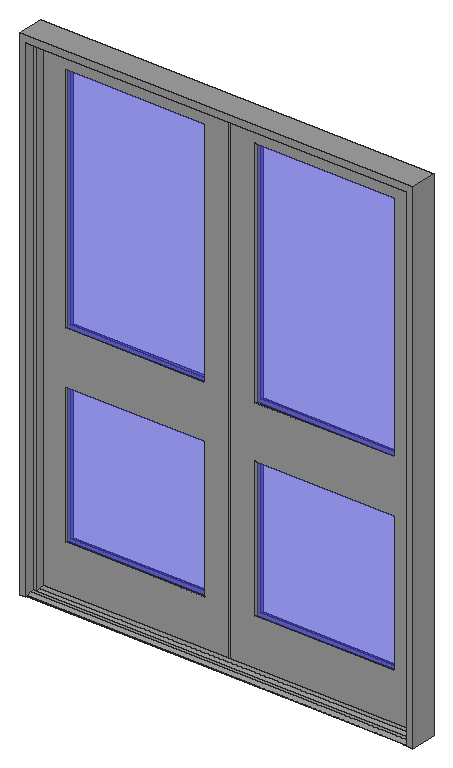
Revit family "MSD-375-StormMax-1inGlz-Curtain-Wall-Gear-Hinge-Pairs_Eng_v02", category Curtain Panels, Revit 2017
Family settings
  OmniClass Number = 23.25.20.14.11.11.17
  OmniClass Title = Infill Panels
  Always vertical = Yes
  Cut with Voids When Loaded = No
  Shared = No
Parameters
  Width [instance] = 5' - 6"
  URL = "obe.com"
  Rough Width [instance] = 6' - 3"
  Panel Width [instance] = Min Panel Width  # 6' - 0 3/4"
  Panel Offset [instance] = 0' - 0"
  Offset [instance] = 0' - 1"
  Model = "MSD-375 DOOR"
  Min Rough Width [instance] = if(Rough Width > 6' 2 1/4", Rough Width, 6' 2 1/4")  # 6' - 3"
  Min Panel Width [instance] = if(Rough Width > 6' 2 1/4", Rough Width - 0' 2 1/4", 6' 0")  # 6' - 0 3/4"
  Manufacturer = "Oldcastle BuildingEnvelope®"
  Keynote = "08 11 00"
  Hinge [instance] = yes
  Height [instance] = 8' - 0"
  Pushbar Height [instance] = 3' - 5 1/4"  # constant formula
  Glass Material = Glass
  Frame Material = Aluminum
  Door Panel Height [instance] = Height - 0' 0 29/32"  # 7' - 11 3/32"
  Description = "MSD-375 - 1\" Door Infill"
  Assembly Code = "B2030"
  Analytic Construction = "<None>"
  8 Muntin [instance] = not([6.5 Muntin])  # yes
  6.5 Muntin [instance] = no
Reference planes (in)
  plane 1 "Front": y = 0
  plane 2: z = 0
  plane 3 "Center (Left/Right)": x = 0
  plane 4 "Left": x = -33
  plane 5 "Right": x = 33
  plane 6 "Top": z = 96
  plane 7 "Offset": y = -1
  plane 8: y = -1.86965
  plane 9: y = -1.86965
  plane 10: x = -37.5
  plane 11: x = 37.5
Forms (in)
  Sweep 1, solid, material "Aluminum" <- "Frame Material"
    path origin (0, -1, 0) x (-1, 0, 0) y (0, 0, 1)
      loop
        line (37.5, 0) -> (37.5, 96)
    profile origin (-37.5, -1, 48) x (1, 0, 0) y (0, 1, 0)
      loop
        line (1.125, -1.8814) -> (1.125, 0) -> (0, 0) -> (0, -5) -> (1.125, -5) -> (1.125, -3.2564) -> (1.875, -3.2564) -> (1.875, -1.8814) -> (1.125, -1.8814)
  Sweep 2, solid, material "Aluminum" <- "Frame Material"
    path origin (0, -1, 0) x (-1, 0, 0) y (0, 0, 1)
      loop
        line (-37.5, 0) -> (-37.5, 96)
    profile origin (37.5, -1, 48) x (1, 0, 0) y (0, 1, 0)
      loop
        line (-1.125, -1.8814) -> (-1.875, -1.8814) -> (-1.875, -3.2564) -> (-1.125, -3.2564) -> (-1.125, -5) -> (0, -5) -> (0, 0) -> (-1.125, 0) -> (-1.125, -1.8814)
  Sweep 3, solid, material "Aluminum" <- "Frame Material"
    path origin (0, -1, 0) x (-1, 0, 0) y (0, 0, 1)
      loop
        line (-37.5, 96) -> (37.5, 96)
    profile origin (0, -1, 96) x (0, 0, 1) y (0, 1, 0)
      loop
        line (-1.25, 0) -> (-1.25, -1.875) -> (-1.75, -1.875) -> (-1.75, -3.24) -> (-1.25, -3.24) -> (-1.25, -5) -> (0, -5) -> (0, 0) -> (-1.25, 0)
Cuts and joins
  joined: Sweep 1, Sweep 2, Sweep 3
Lines and regions (in)
  model lines
    curve 1: line (-33, -3.0045, 94.587) -> (-33, 0.90748, 94.587)
    curve 2: line (-33, -3.0045, 94.587) -> (-33, 0.78134, 94.587)
    curve 3: line (-33, -2.9895, 94.587) -> (-33, 0.88108, 94.587)
    curve 4: line (-33, -2.9895, 94.587) -> (-33, 0.7605, 94.587)
Text (in)
  text "Exterior" at (-54.29358, 31.38743, 0), in view "Ref. Level"
  text "Exterior" at (480, 41.53993, 89.60405), in view "Right"
  text "Exterior" at (-240, 57.82419, 105.78864), in view "Left"
Dimensions and locks (in)
  equal spacing: plane 4 "Left", plane 3 "Center (Left/Right)", plane 5 "Right"
  "Width": plane 4 "Left" to plane 5 "Right"
  "Height": plane 6 "Top" to plane 2
  "Offset": plane 1 "Front" to plane 7 "Offset"
  locked: plane 7 "Offset" to plane 8 at 0.86965
  locked: plane 7 "Offset" to plane 9 at 0.86965
  locked: plane 7 "Offset" to nested 3 at 0.86325
  locked: plane 6 "Top" to nested 3 at 2.5
  equal spacing: plane 10, plane 3 "Center (Left/Right)", plane 11
  "Min Rough Width": plane 10 to plane 11
  locked: nested 4 to plane 10 at 1.25
  locked: plane 11 to nested 2 at 1.25
  aligned and locked: level to plane 2
  aligned and locked: plane 6 "Top" to Sweep 1 sketch curve
  aligned and locked: level to Sweep 1 sketch curve
  aligned and locked: plane 6 "Top" to Sweep 2 sketch curve
  aligned and locked: level to Sweep 2 sketch curve
  aligned and locked: nested 2 to plane 8
  aligned and locked: plane 9 to nested 4
  aligned and locked: plane 3 "Center (Left/Right)" to nested 1
  aligned and locked: plane 6 "Top" to Sweep 3 sketch curve
  aligned and locked: nested 1 to plane 7 "Offset"
  aligned and locked: Sweep 2 sketch curve to plane 11
  aligned and locked: Sweep 1 sketch curve to plane 10
  aligned and locked: plane 10 to Sweep 3 sketch curve
  aligned and locked: plane 11 to Sweep 3 sketch curve
Automatic sketch dimensions
  Sweep 1 sketch curve to profile plane = 0' - 0"
  Sweep 1 sketch curve to plane 7 "Offset" = 0' - 0"
  Sweep 1 sketch curve to profile plane = 0' - 1 1/8"  (x2)
  Sweep 1 sketch curve to Sweep 1 sketch curve = 0' - 0 3/4"
  Sweep 1 sketch curve to plane 7 "Offset" = 0' - 1.8814"
  Sweep 1 sketch curve to Sweep 1 sketch curve = 0' - 1 3/8"
  Sweep 1 sketch curve to Sweep 1 sketch curve = 0' - 1.7436"
  Sweep 2 sketch curve to plane 7 "Offset" = 0' - 0"
  Sweep 2 sketch curve to profile plane = 0' - 0"
  profile plane to Sweep 2 sketch curve = 0' - 1 1/8"
  Sweep 2 sketch curve to Sweep 2 sketch curve = 0' - 1 1/8"
  Sweep 2 sketch curve to Sweep 2 sketch curve = 0' - 0 3/4"
  Sweep 2 sketch curve to plane 7 "Offset" = 0' - 1.8814"
  Sweep 2 sketch curve to Sweep 2 sketch curve = 0' - 1 3/8"
  Sweep 2 sketch curve to Sweep 2 sketch curve = 0' - 1.7436"
  Sweep 3 sketch curve to plane 7 "Offset" = 0' - 0"
  profile plane to Sweep 3 sketch curve = 0' - 0"
  profile plane to Sweep 3 sketch curve = 0' - 1 1/4"
  Sweep 3 sketch curve to plane 7 "Offset" = 0' - 1 7/8"
  Sweep 3 sketch curve to Sweep 3 sketch curve = 0' - 0 1/2"  (x2)
  Sweep 3 sketch curve to Sweep 3 sketch curve = 0' - 1.365"
  Sweep 3 sketch curve to Sweep 3 sketch curve = 0' - 1.76"
  curve 1 to plane 1 "Front" = 0' - 0.90748"
  plane 6 "Top" to curve 1 = 0' - 1.413"
  curve 1 to curve 3 = 0' - 0.02639"
  curve 3 to curve 2 = 0' - 0.09974"
  curve 2 to curve 4 = 0' - 0.02084"
  curve 3 to plane 8 = 0' - 1.11985"
  curve 4 to curve 3 = 0' - 0"  (x2)
  curve 3 to curve 2 = 0' - 0.015"
  curve 1 to curve 2 = 0' - 0"
  curve 2 to curve 1 = 0' - 0"
  curve 3 to curve 1 = 0' - 0"
Nested families (in)
  nested 1: "MSD-375 DOOR-Double-1-Panel_v03" at (0, -17, 0), Frame Material <- "Frame Material", Glass Material <- "Glass Material", 6.5 Muntin <- "6.5 Muntin", 8 Muntin <- "8 Muntin", Hinge <- "Hinge", Height <- "Door Panel Height", Width <- "Min Panel Width", Offset <- "Panel Offset", type "MSD-375 DOOR-Double-1-Panel_v03"
    with Wing Width 3' - 0 3/8", built-in parameter 1001301 6' - 0 3/4", Pushbar Height 3' - 5 1/4", Offset 0' - 0", Hinge yes, built-in parameter 1001300 7' - 11 3/32", Glass at Muntin 0' - 8 7/16", Glass Material Glass, Frame Material Aluminum, 8 Muntin yes, 6.5 Muntin no
  nested 2: "HINGE STILE-F-DI" at (38.75, -1.86965, 0) x (0, -1, 0) z (0, 0, 1), type "HINGE STILE-F-DI"
  nested 3: "TOP-RAIL-DI" at (-33, -1.86325, 98.5) x (0, -1, 0) z (-1, 0, 0), type "TOP-RAIL-DI"
  nested 4: "HINGE STILE-F-DI" at (-38.75, -1.86965, 0) x (0, -1, 0) z (0, 0, 1), type "HINGE STILE-F-DI"
Definition of nested family "MSD-375 DOOR-Double-1-Panel_v03"
  Parameters (values of type "MSD-375 DOOR-Double-1-Panel_v03")
    Wing Width [instance] = Width / 2  # 2' - 6"
    Width [instance] = 5' - 0"
    Pushbar Height [instance] = 3' - 5 1/4"  # constant formula
    Offset [instance] = 0' - 1"
    Hinge [instance] = yes
    Height [instance] = 7' - 0"
    Glass at Muntin [instance] = if([6.5 Muntin], 0' 6 15/16", 0' 8 7/16")  # 0' - 6 15/16"
    Glass Material [instance] = none
    Frame Material [instance] = none
    Analytic Construction = "<None>"
    8 Muntin [instance] = not([6.5 Muntin])  # no
    6.5 Muntin [instance] = yes
  Reference planes (in)
    plane 1 "00": y = 14.043
    plane 2: z = 0
    plane 3 "Center (Left/Right)": x = 0
    plane 4: z = 84
    plane 5: x = -30
    plane 6: x = 30
    plane 7 "Center (Front/Back)": y = 16
    plane 8 "Exterior": y = 14.32425
    plane 9: z = 42
    plane 10: z = 8.90625
    plane 11: z = 44.71875
    plane 12: z = 37.78125
    plane 13: z = 80.31225
    plane 14: z = 0
    plane 15: x = -25.84095
    plane 16: x = 25.82077
    plane 17 "Offset": y = 15
    plane 18: z = 41.25
  Forms (in)
    Sweep 1, solid, material <- "Frame Material"
      path origin (0, 14.043, 0) x (1, 0, 0) y (0, 0, 1)
        loop
          line (-29.70095, 84) -> (-0.24193, 84)
      profile origin (-14.97144, 14.043, 84) x (0, 0, 1) y (0, -1, 0)
        loop
          line (-4.46875, -0.957) -> (-0.46875, -0.957) -> (-0.46875, 0.793) -> (-4.46875, 0.793) -> (-4.46875, 0.5) -> (-3.68775, 0.5) -> (-3.68775, -0.5) -> (-4.46875, -0.5) -> (-4.46875, -0.957)
    Sweep 2, solid, material <- "Frame Material"
      path origin (0, 14.043, 0) x (1, 0, 0) y (0, 0, 1)
        loop
          line (-0.24193, 0) -> (-29.69218, 0)
      profile origin (-14.96706, 14.043, 0) x (0, 0, -1) y (0, -1, 0)
        loop
          line (-0.6875, -0.957) -> (-0.6875, 0.793) -> (-9.6875, 0.793) -> (-9.6875, 0.5) -> (-8.90625, 0.5) -> (-8.90625, -0.5) -> (-9.6875, -0.5) -> (-9.6875, -0.957) -> (-0.6875, -0.957)
    Sweep 3, solid, material <- "Frame Material"
      path origin (0, 14.043, 0) x (1, 0, 0) y (0, 0, 1)
        loop
          line (30, 83.53125) -> (30, 0.6875)
      profile origin (30, 14.043, 42.10937) x (0, -1, 0) y (1, 0, 0)
        loop
          line (-0.957, -0.21023) -> (-0.957, -4.96023) -> (-0.5, -4.96023) -> (-0.5, -4.17923) -> (0.5, -4.17923) -> (0.5, -4.96023) -> (0.793, -4.96023) -> (0.793, -0.31923) -> (-0.957, -0.21023)
    Sweep 4, solid, material <- "Frame Material"
      path origin (0, 14.043, 0) x (1, 0, 0) y (0, 0, 1)
        loop
          line (-30, 83.53125) -> (-30, 0.6875)
      profile origin (-30, 14.043, 42.10937) x (0, -1, 0) y (1, 0, 0)
        loop
          line (0.793, 4.94005) -> (0.5, 4.94005) -> (0.5, 4.15905) -> (-0.5, 4.15905) -> (-0.5, 4.94005) -> (-0.957, 4.94005) -> (-0.957, 0.19005) -> (0.793, 0.29905) -> (0.793, 4.94005)
    Sweep 5, solid, material <- "Frame Material"
      path origin (0, 14.043, 0) x (1, 0, 0) y (0, 0, 1)
        loop
          line (-2.84095, 42) -> (-25.84095, 42)
      profile origin (-14.34095, 14.043, 42) x (0, 0, -1) y (0, -1, 0)
        loop
          line (-3.49975, -0.5) -> (-3.49975, -0.957) -> (5.00025, -0.957) -> (5.00025, -0.5) -> (4.21925, -0.5) -> (4.21925, 0.5) -> (5.00025, 0.5) -> (5.00025, 0.793) -> (-3.49975, 0.793) -> (-3.49975, 0.5) -> (-2.71875, 0.5) -> (-2.71875, -0.5) -> (-3.49975, -0.5)
    Sweep 6, solid, material <- "Frame Material"
      path origin (0, 14.043, 0) x (1, 0, 0) y (0, 0, 1)
        loop
          line (0, 83.53125) -> (0, 0.6875)
      profile origin (0, 14.043, 42.10937) x (0, -1, 0) y (1, 0, 0)
        loop
          line (-0.957, -4.81249) -> (-0.5, -4.81249) -> (-0.5, -4.03149) -> (0.5, -4.03149) -> (0.5, -4.81249) -> (0.793, -4.81249) -> (0.793, -0.24193)
          arc (0.793, -0.24193) -> (-0.07989, -0.06254) -> (-0.957, -0.22004) r 2.357
          line (-0.957, -0.22004) -> (-0.957, -4.81249)
        loop
          line (0.793, 4.81251) -> (0.5, 4.81251) -> (0.5, 4.03151) -> (-0.5, 4.03151) -> (-0.5, 4.81251) -> (-0.957, 4.81251) -> (-0.957, 0.22004)
          arc (-0.957, 0.22004) -> (-0.07989, 0.06254) -> (0.793, 0.24193) r 2.357
          line (0.793, 0.24193) -> (0.793, 4.81251)
    Sweep 7, solid, material <- "Frame Material"
      path origin (0, 14.043, 0) x (1, 0, 0) y (0, 0, 1)
        loop
          line (0.22004, 84) -> (29.68077, 84)
      profile origin (14.95041, 14.043, 84) x (0, 0, 1) y (0, -1, 0)
        loop
          line (-4.46875, -0.957) -> (-0.46875, -0.957) -> (-0.46875, 0.793) -> (-4.46875, 0.793) -> (-4.46875, 0.5) -> (-3.68775, 0.5) -> (-3.68775, -0.5) -> (-4.46875, -0.5) -> (-4.46875, -0.957)
    Sweep 8, solid, material <- "Frame Material"
      path origin (0, 14.043, 0) x (1, 0, 0) y (0, 0, 1)
        loop
          line (25.82077, 42) -> (2.82077, 42)
      profile origin (14.32077, 14.043, 42) x (0, 0, -1) y (0, -1, 0)
        loop
          line (-3.49975, 0.5) -> (-2.71875, 0.5) -> (-2.71875, -0.5) -> (-3.49975, -0.5) -> (-3.49975, -0.957) -> (5.00025, -0.957) -> (5.00025, -0.5) -> (4.21875, -0.5) -> (4.21875, 0.5) -> (5.00025, 0.5) -> (5.00025, 0.793) -> (-3.49975, 0.793) -> (-3.49975, 0.5)
    Sweep 9, solid, material <- "Frame Material"
      path origin (0, 14.043, 0) x (1, 0, 0) y (0, 0, 1)
        loop
          line (29.672, 0) -> (0.24193, 0)
      profile origin (14.95697, 14.043, 0) x (0, 0, -1) y (0, -1, 0)
        loop
          line (-0.6875, -0.957) -> (-0.6875, 0.793) -> (-9.6875, 0.793) -> (-9.6875, 0.5) -> (-8.90625, 0.5) -> (-8.90625, -0.5) -> (-9.6875, -0.5) -> (-9.6875, -0.957) -> (-0.6875, -0.957)
    Extrusion 10, solid, material <- "Glass Material", detail levels coarse
      sketch origin (0, 0, 0) x (1, 0, 0) y (0, 1, 0)
        loop
          line (25.82077, 14.543) -> (4.03151, 14.543) -> (4.03151, 13.543) -> (25.82077, 13.543) -> (25.82077, 14.543)
      from 37.78125 to 8.90625
    Extrusion 11, solid, material <- "Glass Material", detail levels medium+fine
      sketch origin (0, 0, 0) x (1, 0, 0) y (0, 1, 0)
        loop
          line (25.82077, 14.543) -> (4.03151, 14.543) -> (4.03151, 14.343) -> (25.82077, 14.343) -> (25.82077, 14.543)
        loop
          line (4.03151, 13.973) -> (4.03151, 13.773) -> (25.82077, 13.773) -> (25.82077, 13.973) -> (4.03151, 13.973)
        loop
          line (25.82077, 13.743) -> (4.03151, 13.743) -> (4.03151, 13.543) -> (25.82077, 13.543) -> (25.82077, 13.743)
      from 8.90625 to 37.78125
    Extrusion 12, solid, material <- "Glass Material", detail levels medium+fine
      sketch origin (0, 0, 0) x (1, 0, 0) y (0, 1, 0)
        loop
          line (4.03151, 14.543) -> (4.03151, 14.343) -> (25.82077, 14.343) -> (25.82077, 14.543) -> (4.03151, 14.543)
        loop
          line (25.82077, 13.973) -> (4.03151, 13.973) -> (4.03151, 13.773) -> (25.82077, 13.773) -> (25.82077, 13.973)
        loop
          line (4.03151, 13.743) -> (4.03151, 13.543) -> (25.82077, 13.543) -> (25.82077, 13.743) -> (4.03151, 13.743)
      from 44.71875 to 80.31225
    Extrusion 13, solid, material <- "Glass Material", detail levels coarse
      sketch origin (0, 0, 0) x (1, 0, 0) y (0, 1, 0)
        loop
          line (4.0315, 14.543) -> (4.0315, 13.543) -> (25.82077, 13.543) -> (25.82077, 14.543) -> (4.0315, 14.543)
      from 44.71875 to 80.31225
    Extrusion 14, solid, material <- "Glass Material", detail levels medium+fine
      sketch origin (0, 0, 0) x (1, 0, 0) y (0, 1, 0)
        loop
          line (-4.0315, 14.543) -> (-25.84095, 14.543) -> (-25.84095, 14.343) -> (-4.0315, 14.343) -> (-4.0315, 14.543)
        loop
          line (-25.84095, 13.973) -> (-25.84095, 13.773) -> (-4.0315, 13.773) -> (-4.0315, 13.973) -> (-25.84095, 13.973)
        loop
          line (-4.0315, 13.743) -> (-25.84095, 13.743) -> (-25.84095, 13.543) -> (-4.0315, 13.543) -> (-4.0315, 13.743)
      from 8.90625 to 37.78125
    Extrusion 15, solid, material <- "Glass Material", detail levels coarse
      sketch origin (0, 0, 0) x (1, 0, 0) y (0, 1, 0)
        loop
          line (-4.0315, 14.543) -> (-25.84095, 14.543) -> (-25.84095, 13.543) -> (-4.0315, 13.543) -> (-4.0315, 14.543)
      from 44.71875 to 80.31225
    Extrusion 16, solid, material <- "Glass Material", detail levels coarse
      sketch origin (0, 0, 0) x (1, 0, 0) y (0, 1, 0)
        loop
          line (-25.84095, 14.543) -> (-25.84095, 13.543) -> (-4.03149, 13.543) -> (-4.03149, 14.543) -> (-25.84095, 14.543)
      from 8.90625 to 37.78125
    Extrusion 17, solid, material <- "Glass Material", detail levels medium+fine
      sketch origin (0, 0, 0) x (1, 0, 0) y (0, 1, 0)
        loop
          line (-4.03149, 14.543) -> (-25.84095, 14.543) -> (-25.84095, 14.343) -> (-4.03149, 14.343) -> (-4.03149, 14.543)
        loop
          line (-25.84095, 13.973) -> (-25.84095, 13.773) -> (-4.0315, 13.773) -> (-4.0315, 13.973) -> (-25.84095, 13.973)
        loop
          line (-25.84095, 13.743) -> (-25.84095, 13.543) -> (-4.0315, 13.543) -> (-4.0315, 13.743) -> (-25.84095, 13.743)
      from 44.71875 to 80.31225
    Sweep 18, solid, material <- "Frame Material"
      path origin (0, 15, 0) x (1, 0, 0) y (0, 0, 1)
        loop
          line (29.78977, 0) -> (-29.80995, 0)
      profile origin (-0.01009, 15, 0) x (0, 0, -1) y (0, -1, 0)
        loop
          line (0, 4.875) -> (-0.125, 4.875) -> (-0.5, 4.125) -> (-0.5, 3.36501) -> (-0.844, 2.7685) -> (-0.844, 1.7735) -> (-0.5, 1.7735) -> (-0.5, 0) -> (-0.125, -0.75) -> (0, -0.75) -> (0, 4.875)
  Cuts and joins
    joined: Sweep 1, Sweep 2, Sweep 3, Sweep 4, Sweep 5, Sweep 6, Sweep 7, Sweep 8, Sweep 9
  Lines and regions (in)
    model lines
      curve 1: line (4.81251, 14.32425, 79.53929) -> (25.03977, 14.32425, 42)
      curve 2: line (25.03977, 14.32425, 42) -> (4.81251, 14.32425, 9.6875)
      curve 3: line (-4.81249, 14.32425, 79.56722) -> (-25.05995, 14.32425, 42)
      curve 4: line (-25.05995, 14.32425, 42) -> (-4.81249, 14.32425, 9.6875)
  Dimensions and locks (in)
    "Height": plane 4 to level
    equal spacing: plane 5, plane 3 "Center (Left/Right)", plane 6
    "Offset": plane 17 "Offset" to plane 7 "Center (Front/Back)"
    equal spacing: level, plane 9, plane 4
    locked: plane 3 "Center (Left/Right)" to Sweep 2 sketch curve at 0.24193
    locked: Sweep 3 sketch curve to plane 4 at 0.46875
    locked: Sweep 4 sketch curve to plane 4 at 0.46875
    locked: plane 3 "Center (Left/Right)" to Sweep 1 sketch curve at 0.24193
    locked: plane 3 "Center (Left/Right)" to Sweep 5 sketch curve at 2.84095
    locked: Sweep 7 sketch curve to plane 3 "Center (Left/Right)" at 0.22004
    locked: Sweep 8 sketch curve to plane 3 "Center (Left/Right)" at 2.82077
    locked: Sweep 9 sketch curve to plane 3 "Center (Left/Right)" at 0.24193
    locked: Sweep 6 sketch curve to plane 4 at 0.46875
    equal spacing: plane 4, plane 9, plane 14
    locked: plane 4 to plane 13 at 3.68775
    locked: plane 10 to plane 14 at 8.90625
    "Glass at Muntin": plane 11 to plane 12
    locked: plane 5 to plane 15 at 4.15905
    locked: plane 16 to plane 6 at 4.17923
    locked: Sweep 2 sketch curve to plane 5 at 0.30782
    locked: plane 6 to Sweep 9 sketch curve at 0.328
    "Width": plane 5 to plane 6
    plane 1 "00" to plane 8 "Exterior" to plane 17 "Offset" = 0' - 0 9/32" locked, 0' - 0.67575" locked
    locked: plane 12 to Sweep 8 sketch curve at 0.7815  (x2)
    locked: Sweep 8 sketch curve to plane 11 at 0.781
    locked: plane 11 to Sweep 8 sketch curve at 0.781
    locked: plane 12 to Sweep 5 sketch curve at 0.7815  (x2)
    locked: Sweep 5 sketch curve to plane 11 at 0.781  (x2)
    locked: plane 6 to Sweep 7 sketch curve at 0.31923
    locked: Sweep 1 sketch curve to plane 5 at 0.29905
    locked: Sweep 5 sketch curve to plane 5 at 4.15905
    locked: plane 6 to Sweep 8 sketch curve at 4.17923
    Extrusion 15 sketch curve to Extrusion 15 sketch curve to plane 17 "Offset" = 0' - 1" locked, 0' - 0.457" locked
    plane 17 "Offset" to Extrusion 17 sketch curve to Extrusion 17 sketch curve to Extrusion 17 sketch curve to Extrusion 17 sketch curve to Extrusion 17 sketch curve to Extrusion 17 sketch curve = 0' - 0.457" locked, 0' - 0.2" locked, 0' - 0.37" locked, 0' - 0.2" locked, 0' - 0.03" locked, 0' - 0.2" locked
    plane 17 "Offset" to Extrusion 13 sketch curve to Extrusion 13 sketch curve = 0' - 0.457" locked, 0' - 1" locked
    plane 17 "Offset" to Extrusion 12 sketch curve to Extrusion 12 sketch curve to Extrusion 12 sketch curve to Extrusion 12 sketch curve to Extrusion 12 sketch curve to Extrusion 12 sketch curve = 0' - 0.457" locked, 0' - 0.2" locked, 0' - 0.37" locked, 0' - 0.2" locked, 0' - 0.03" locked, 0' - 0.2" locked
    Extrusion 10 sketch curve to Extrusion 10 sketch curve to plane 17 "Offset" = 0' - 1" locked, 0' - 0.457" locked
    Extrusion 11 sketch curve to Extrusion 11 sketch curve to Extrusion 11 sketch curve to Extrusion 11 sketch curve to Extrusion 11 sketch curve to Extrusion 11 sketch curve to plane 17 "Offset" = 0' - 0.2" locked, 0' - 0.03" locked, 0' - 0.2" locked, 0' - 0.37" locked, 0' - 0.2" locked, 0' - 0.457" locked
    plane 17 "Offset" to Extrusion 16 sketch curve to Extrusion 16 sketch curve = 0' - 0.457" locked, 0' - 1" locked
    Extrusion 14 sketch curve to Extrusion 14 sketch curve to Extrusion 14 sketch curve to Extrusion 14 sketch curve to Extrusion 14 sketch curve to Extrusion 14 sketch curve to plane 17 "Offset" = 0' - 0.2" locked, 0' - 0.03" locked, 0' - 0.2" locked, 0' - 0.37" locked, 0' - 0.2" locked, 0' - 0.457" locked
    equal spacing: plane 11, plane 18, plane 12
    "Pushbar Height": plane 18 to plane 14
    locked: Sweep 18 sketch curve to plane 5 at 0.19005
    locked: plane 6 to Sweep 18 sketch curve at 0.21023
    locked: plane 14 to Sweep 3 sketch curve at 0.6875
    locked: plane 14 to Sweep 6 sketch curve at 0.6875
    locked: plane 14 to Sweep 4 sketch curve at 0.6875
    aligned and locked: plane 2 to level
    aligned and locked: plane 1 "00" to nested 1
    aligned and locked: plane 3 "Center (Left/Right)" to nested 1
    aligned and locked: Sweep 1 sketch curve to plane 4
    aligned and locked: Sweep 2 sketch curve to level
    aligned and locked: level to nested 2
    aligned and locked: nested 2 to plane 1 "00"
    aligned and locked: Sweep 5 sketch curve to plane 9
    aligned and locked: plane 3 "Center (Left/Right)" to Sweep 6 sketch curve
    aligned and locked: Sweep 9 sketch curve to level
    aligned and locked: Sweep 8 sketch curve to plane 9
    aligned and locked: plane 4 to Sweep 7 sketch curve
    aligned and locked: Extrusion 14 to plane 10
    aligned and locked: plane 12 to Extrusion 14
    aligned and locked: Extrusion 15 to plane 11
    aligned and locked: plane 13 to Extrusion 15
    aligned and locked: Extrusion 17 to plane 11
    aligned and locked: plane 13 to Extrusion 17
    aligned and locked: Extrusion 16 to plane 10
    aligned and locked: plane 12 to Extrusion 16
    aligned and locked: Extrusion 12 to plane 11
    aligned and locked: plane 13 to Extrusion 12
    aligned and locked: plane 13 to Extrusion 13
    aligned and locked: Extrusion 13 to plane 11
    aligned and locked: plane 12 to Extrusion 10
    aligned and locked: plane 12 to Extrusion 11
    aligned and locked: Extrusion 11 to plane 10
    aligned and locked: Extrusion 10 to plane 10
    aligned and locked: Sweep 3 sketch curve to plane 6
    aligned and locked: Sweep 4 sketch curve to plane 5
    aligned and locked: Extrusion 16 to plane 15
    aligned and locked: Extrusion 17 to plane 15  (x2)
    aligned and locked: plane 16 to Extrusion 12  (x3)
    aligned and locked: Extrusion 14 to plane 15  (x2)
    aligned and locked: plane 9 to curve 1
    aligned and locked: plane 9 to curve 4
    aligned and locked: Sweep 18 sketch curve to plane 14
  Automatic sketch dimensions
    profile plane to Sweep 3 sketch curve = 0' - 0.21023"
    Sweep 3 sketch curve to plane 1 "00" = 0' - 0.957"
    Sweep 3 sketch curve to plane 1 "00" = 0' - 0 1/2"
    plane 1 "00" to Sweep 3 sketch curve = 0' - 0 1/2"
    profile plane to Sweep 3 sketch curve = 0' - 0.31923"
    plane 1 "00" to Sweep 3 sketch curve = 0' - 0.793"
    Sweep 3 sketch curve to Sweep 3 sketch curve = 0' - 3.86"
    Sweep 3 sketch curve to Sweep 3 sketch curve = 0' - 0.781"  (x2)
    Sweep 6 sketch curve to plane 1 "00" = 0' - 0.957"  (x2)
    Sweep 6 sketch curve to plane 1 "00" = 0' - 0 1/2"
    Sweep 6 sketch curve to Sweep 6 sketch curve = 0' - 0.457"
    Sweep 6 sketch curve to plane 1 "00" = 0' - 0 7/64"  (x2)
    plane 1 "00" to Sweep 6 sketch curve = 0' - 0 1/2"  (x2)
    Sweep 6 sketch curve to profile plane = 0' - 0.24193"
    plane 1 "00" to Sweep 6 sketch curve = 0' - 0.793"
    Sweep 6 sketch curve to Sweep 6 sketch curve = 0' - 0.293"
    Sweep 6 sketch curve to profile plane = 0' - 0.22004"
    profile plane to Sweep 6 sketch curve = 0' - 0.22004"
    profile plane to Sweep 6 sketch curve = 0' - 0.24193"
    Sweep 6 sketch curve to Sweep 6 sketch curve = 0' - 1.61214"
    Sweep 6 sketch curve to Sweep 6 sketch curve = 0' - 0.781"  (x4)
    Sweep 6 sketch curve to Sweep 6 sketch curve = 0' - 1.61216"
    Sweep 4 sketch curve to plane 1 "00" = 0' - 0.957"
    Sweep 4 sketch curve to Sweep 4 sketch curve = 0' - 0.457"
    plane 1 "00" to Sweep 4 sketch curve = 0' - 0 1/2"
    Sweep 4 sketch curve to Sweep 4 sketch curve = 0' - 0.293"
    Sweep 4 sketch curve to Sweep 4 sketch curve = 0' - 0.781"  (x2)
    Sweep 4 sketch curve to profile plane = 0' - 0.19005"
    Sweep 4 sketch curve to profile plane = 0' - 0.29905"
    Sweep 4 sketch curve to Sweep 4 sketch curve = 0' - 3.969"
    profile plane to Sweep 2 sketch curve = 0' - 0 11/16"
    plane 1 "00" to Sweep 2 sketch curve = 0' - 0 1/2"
    Sweep 2 sketch curve to Sweep 2 sketch curve = 0' - 0 25/32"  (x2)
    Sweep 2 sketch curve to plane 1 "00" = 0' - 0 1/2"
    Sweep 2 sketch curve to plane 1 "00" = 0' - 0.957"
    Sweep 2 sketch curve to Sweep 2 sketch curve = 0' - 0.293"
    Sweep 8 sketch curve to Sweep 8 sketch curve = 0' - 0.781"
    Sweep 8 sketch curve to Sweep 8 sketch curve = 0' - 0.7815"
    Sweep 8 sketch curve to plane 1 "00" = 0' - 0.957"
    Sweep 8 sketch curve to plane 1 "00" = 0' - 0 1/2"  (x2)
    plane 1 "00" to Sweep 8 sketch curve = 0' - 0 1/2"  (x2)
    Sweep 8 sketch curve to Sweep 8 sketch curve = 0' - 0.293"
    plane 1 "00" to Sweep 9 sketch curve = 0' - 0 1/2"
    Sweep 9 sketch curve to Sweep 9 sketch curve = 0' - 8 7/32"
    Sweep 9 sketch curve to Sweep 9 sketch curve = 0' - 0 25/32"  (x2)
    Sweep 9 sketch curve to plane 1 "00" = 0' - 0 1/2"
    Sweep 9 sketch curve to Sweep 9 sketch curve = 0' - 0.293"
    profile plane to Sweep 9 sketch curve = 0' - 0 11/16"
    Sweep 9 sketch curve to plane 1 "00" = 0' - 0.957"
    Extrusion 15 sketch curve to plane 15 = 0' - 0"
    Extrusion 15 sketch curve to plane 3 "Center (Left/Right)" = 0' - 4.0315"
    Extrusion 13 sketch curve to plane 16 = 0' - 0"
    plane 3 "Center (Left/Right)" to Extrusion 13 sketch curve = 0' - 4.0315"
    Extrusion 12 sketch curve to plane 16 = 0' - 0"  (x3)
    plane 3 "Center (Left/Right)" to Extrusion 12 sketch curve = 0' - 4.03151"
    Extrusion 12 sketch curve to Extrusion 12 sketch curve = 0' - 0"  (x2)
    Extrusion 11 sketch curve to plane 16 = 0' - 0"  (x3)
    plane 3 "Center (Left/Right)" to Extrusion 11 sketch curve = 0' - 4.03151"
    Extrusion 11 sketch curve to Extrusion 11 sketch curve = 0' - 0"  (x2)
    Extrusion 10 sketch curve to plane 16 = 0' - 0"
    plane 3 "Center (Left/Right)" to Extrusion 10 sketch curve = 0' - 4.03151"
    Extrusion 16 sketch curve to plane 15 = 0' - 0"
    Extrusion 16 sketch curve to plane 3 "Center (Left/Right)" = 0' - 4.03149"
    Extrusion 14 sketch curve to plane 15 = 0' - 0"  (x3)
    Extrusion 14 sketch curve to plane 3 "Center (Left/Right)" = 0' - 4.0315"
    Extrusion 14 sketch curve to Extrusion 14 sketch curve = 0' - 0"  (x2)
    Sweep 5 sketch curve to Sweep 5 sketch curve = 0' - 0.781"  (x2)
    Sweep 5 sketch curve to plane 1 "00" = 0' - 0.957"
    Sweep 5 sketch curve to Sweep 5 sketch curve = 0' - 0.457"  (x2)
    plane 1 "00" to Sweep 5 sketch curve = 0' - 0 1/2"  (x2)
    Sweep 5 sketch curve to Sweep 5 sketch curve = 0' - 0.293"
    plane 16 to curve 2 = 0' - 0.781"
    curve 1 to plane 13 = 0' - 0.77296"
    plane 3 "Center (Left/Right)" to curve 1 = 0' - 4 13/16"
    plane 10 to curve 2 = 0' - 0 25/32"
    plane 3 "Center (Left/Right)" to curve 2 = 0' - 4 13/16"
    plane 10 to curve 4 = 0' - 0 25/32"
    curve 4 to plane 3 "Center (Left/Right)" = 0' - 4 13/16"
    curve 3 to plane 13 = 0' - 0.74503"
    curve 3 to plane 3 "Center (Left/Right)" = 0' - 4 13/16"
    plane 15 to curve 3 = 0' - 0.781"
    Extrusion 17 sketch curve to plane 15 = 0' - 0"  (x3)
    Extrusion 17 sketch curve to plane 3 "Center (Left/Right)" = 0' - 4.0315"
    Extrusion 17 sketch curve to Extrusion 17 sketch curve = 0' - 0"  (x2)
    Sweep 2 sketch curve to Sweep 2 sketch curve = 0' - 8 7/32"
    Sweep 18 sketch curve to profile plane = 0' - 0"
    Sweep 18 sketch curve to plane 17 "Offset" = 0' - 0 3/4"
    profile plane to Sweep 18 sketch curve = 0' - 0 1/8"  (x2)
    Sweep 18 sketch curve to plane 17 "Offset" = 0' - 0"
    profile plane to Sweep 18 sketch curve = 0' - 0 1/2"  (x2)
    Sweep 18 sketch curve to Sweep 18 sketch curve = 0' - 1.7735"
    Sweep 18 sketch curve to Sweep 18 sketch curve = 0' - 0.995"
    Sweep 18 sketch curve to Sweep 18 sketch curve = 0' - 0.59651"
    Sweep 18 sketch curve to Sweep 18 sketch curve = 0' - 0.344"
    Sweep 18 sketch curve to Sweep 18 sketch curve = 0' - 0.75999"
    Sweep 18 sketch curve to Sweep 18 sketch curve = 0' - 0 3/4"
    Sweep 1 sketch curve to plane 1 "00" = 0' - 0.957"
    profile plane to Sweep 1 sketch curve = 0' - 4 15/32"
    Sweep 1 sketch curve to Sweep 1 sketch curve = 0' - 0"
    Sweep 1 sketch curve to Sweep 1 sketch curve = 0' - 0.781"
    profile plane to Sweep 1 sketch curve = 0' - 0 15/32"
    Sweep 1 sketch curve to Sweep 1 sketch curve = 0' - 0.457"
    plane 1 "00" to Sweep 1 sketch curve = 0' - 0 1/2"
    Sweep 1 sketch curve to Sweep 1 sketch curve = 0' - 0.293"
    Sweep 7 sketch curve to plane 1 "00" = 0' - 0.957"
    profile plane to Sweep 7 sketch curve = 0' - 4 15/32"
    Sweep 7 sketch curve to Sweep 7 sketch curve = 0' - 0"
    Sweep 7 sketch curve to Sweep 7 sketch curve = 0' - 0.781"
    profile plane to Sweep 7 sketch curve = 0' - 0 15/32"
    Sweep 7 sketch curve to Sweep 7 sketch curve = 0' - 0.457"
    plane 1 "00" to Sweep 7 sketch curve = 0' - 0 1/2"
    Sweep 7 sketch curve to Sweep 7 sketch curve = 0' - 0.293"
  Nested families (in)
    nested 1: "MSD-375 DOOR-Double-1-Plan View_v02" at (0, 14.043, 0), Hinge <- "Hinge", Wing Width <- "Wing Width", Width <- "Width", type "MSD-375 DOOR-Double-1-Plan View_v02"
      with Wing Width 2' - 6", Width 5' - 0", Hinge yes
    nested 2: "MSD-375 DOOR-Double-1-Section_v02" at (0, 14.043, 0) x (0, -1, 0) z (1, 0, 0), Height <- "Height", 8 Muntin <- "8 Muntin", 6.5 Muntin <- "6.5 Muntin", type "MSD-375 DOOR-Double-1-Section_v02"
      with Pushbar Height 3' - 5 1/4", Height 7' - 0", Glass at Muntins 0' - 6 15/16", 8 Muntin no, 6.5 Muntin yes
  Definition of nested family "MSD-375 DOOR-Double-1-Plan View_v02"
    Parameters (values of type "MSD-375 DOOR-Double-1-Plan View_v02")
      Wing Width [instance] = Width / 2  # 3' - 0"
      Width [instance] = 6' - 0"
      Hinge [instance] = yes
    Reference planes (in)
      plane 1 "Center (Front/Back)": y = 0
      plane 2: z = 0
      plane 3 "Center (Left/Right)": x = 0
      plane 4: x = -36
      plane 5: x = 36
      plane 6: x = -34.52398
      plane 7: x = 34.53125
      plane 8: y = 36
      plane 9: y = 31.96849
      plane 10: y = 5.46632
      plane 11: x = -4.03149
      plane 12: x = -31.84095
      plane 13: x = 4.03151
      plane 14: x = 31.82077
    Lines and regions (in)
      detail lines, in view "Ref. Level"
        curve 1: arc (0.00438, 0, 0) -> (-10.02445, 24.93163, 0) -> (-34.52398, 35.97411, 0) r 36.00438
        curve 2: arc (0.00438, 0, 0) -> (10.03316, 24.92806, 0) -> (34.53125, 35.96565, 0) r 35.99562
    Dimensions and locks (in)
      equal spacing: plane 4, plane 3 "Center (Left/Right)", plane 5
      "Width": plane 4 to plane 5
      "Wing Width": plane 1 "Center (Front/Back)" to plane 8
      locked: plane 9 to plane 8 at 4.03151
      plane 11 to plane 3 "Center (Left/Right)" to plane 13 = 0' - 4.03149" locked, 0' - 4.03151" locked
      plane 14 to plane 7 to plane 5 to nested 11 to nested 2 = 0' - 2.71048" locked, 0' - 1 15/32" locked, 0' - 2 1/4" locked, 0' - 0.22677" locked
      nested 1 to plane 1 "Center (Front/Back)" to nested 11 to plane 10 = 0' - 1.18968" locked, 0' - 0.0482" locked, 0' - 5.41812" locked
      nested 12 to plane 1 "Center (Front/Back)" to nested 13 = 0' - 1.18968" locked, 0' - 0.0482" locked
      nested 3 to nested 13 to plane 4 to plane 6 to plane 12 = 0' - 0.24695" locked, 0' - 2 1/4" locked, 0' - 1.47602" locked, 0' - 2.68302" locked
      aligned and locked: nested 2 to plane 1 "Center (Front/Back)"
      aligned and locked: plane 1 "Center (Front/Back)" to nested 3
      aligned and locked: nested 1 to plane 7
      aligned and locked: nested 6 to plane 7
      aligned and locked: nested 6 to plane 8
      aligned and locked: nested 5 to plane 1 "Center (Front/Back)"
      aligned and locked: nested 4 to plane 1 "Center (Front/Back)"
      aligned and locked: nested 5 to plane 3 "Center (Left/Right)"
      aligned and locked: nested 4 to plane 3 "Center (Left/Right)"
      aligned and locked: plane 1 "Center (Front/Back)" to nested 7
      aligned and locked: nested 7 to plane 13
      aligned and locked: plane 14 to nested 7
      aligned and locked: plane 1 "Center (Front/Back)" to nested 10
      aligned and locked: plane 12 to nested 10
      aligned and locked: nested 10 to plane 11
      aligned and locked: nested 8 to plane 10
      aligned and locked: plane 6 to nested 8
      aligned and locked: plane 9 to nested 8
      aligned and locked: plane 9 to nested 9
      aligned and locked: nested 9 to plane 10
      aligned and locked: nested 9 to plane 7
      aligned and locked: nested 12 to plane 6
      aligned and locked: nested 14 to plane 6
      aligned and locked: plane 8 to nested 14
    Automatic sketch dimensions
      plane 1 "Center (Front/Back)" to curve 1 = 0' - 0"
      curve 1 to plane 4 = 0' - 0"
      curve 1 to plane 6 = 0' - 0"
      curve 2 to plane 7 = 0' - 0"
      curve 2 to plane 5 = 0' - 0"
      plane 3 "Center (Left/Right)" to curve 2 = 0' - 0.00438"
      curve 1 to curve 2 = 0' - 0"
    Nested families (in)
      nested 1: "HINGE STILE-DI" at (34.53125, -1.18968, 0) x (0, 1, 0) z (0, 0, 1), type "HINGE STILE-DI", in view "Ref. Level"
      nested 2: "HINGE STILE-DI" at (38.47677, 0, 0) x (-1, 0, 0) z (0, 0, 1), type "HINGE STILE-DI", in view "Ref. Level", not visible
      nested 3: "HINGE STILE-DI" at (-38.49695, 0, 0), type "HINGE STILE-DI", in view "Ref. Level", not visible
      nested 4: "MEETING STILE-L-DI" at (0, 0, 0) x (-1, 0, 0) z (0, 0, 1), type "MEETING STILE-L-DI", in view "Ref. Level", not visible
      nested 5: "MEETING STILE-R-DI" at (0, 0, 0) x (-1, 0, 0) z (0, 0, 1), type "MEETING STILE-R-DI", in view "Ref. Level", not visible
      nested 6: "MEETING STILE-R-DI" at (34.53125, 36, 0) x (0, 1, 0) z (0, 0, 1), type "MEETING STILE-R-DI", in view "Ref. Level"
      nested 7: "Glass-DI" at (4.03151, 0, 0), type "Glass-DI", in view "Ref. Level", not visible
        with Glass Width 2' - 3.78927"
      nested 8: "Glass-DI" at (-34.52398, 31.96849, 0) x (0, -1, 0) z (0, 0, 1), type "Glass-DI", in view "Ref. Level"
        with Glass Width 2' - 2.50217"
      nested 9: "Glass-DI" at (34.53125, 5.46632, 0) x (0, 1, 0) z (0, 0, 1), type "Glass-DI", in view "Ref. Level"
        with Glass Width 2' - 2.50217"
      nested 10: "Glass-DI" at (-31.84095, 0, 0), type "Glass-DI", in view "Ref. Level", not visible
        with Glass Width 2' - 3.80946"
      nested 11: "HINGE-DI" at (38.25, 0.0482, 0) x (-1, 0, 0) z (0, 0, 1), visible <- "Hinge", type "HINGE-DI", in view "Ref. Level"
      nested 12: "HINGE STILE-DI" at (-34.52398, -1.18968, 0) x (0, 1, 0) z (0, 0, 1), type "HINGE STILE-DI", in view "Ref. Level"
      nested 13: "HINGE-DI" at (-38.25, 0.0482, 0), visible <- "Hinge", type "HINGE-DI", in view "Ref. Level"
      nested 14: "MEETING STILE-R-DI" at (-34.52398, 36, 0) x (0, 1, 0) z (0, 0, 1), type "MEETING STILE-R-DI", in view "Ref. Level"
    Definition of nested family "HINGE STILE-DI"
      Reference planes (in)
        plane 1 "Center (Front/Back)": y = 0
        plane 2: z = 0
        plane 3 "Center (Left/Right)": x = 0
    Definition of nested family "MEETING STILE-L-DI"
      Reference planes (in)
        plane 1 "Center (Front/Back)": y = 0
        plane 2: z = 0
        plane 3 "Center (Left/Right)": x = 0
      Lines and regions (in)
        detail lines, in view "Ref. Level"
          curve 1: line (0.22004, -0.957, 0) -> (4.8125, -0.957, 0)
          curve 2: line (4.8125, -0.957, 0) -> (4.8125, -0.5, 0)
          curve 3: line (4.8125, -0.5, 0) -> (4.0315, -0.5, 0)
          curve 4: line (4.0315, -0.5, 0) -> (4.0315, 0.5, 0)
          curve 5: line (4.0315, 0.5, 0) -> (4.8125, 0.5, 0)
          curve 6: line (4.8125, 0.5, 0) -> (4.8125, 0.793, 0)
          curve 7: line (4.8125, 0.793, 0) -> (0.22004, 0.793, 0)
          curve 8: arc (0.22004, 0.793, 0) -> (0.06251, -0.082, 0) -> (0.22004, -0.957, 0) r 2.50889
    Definition of nested family "MEETING STILE-R-DI"
      Reference planes (in)
        plane 1 "Center (Front/Back)": y = 0
        plane 2: z = 0
        plane 3 "Center (Left/Right)": x = 0
      Lines and regions (in)
        detail lines, in view "Ref. Level"
          curve 1: line (-0.22063, 0.793, 0) -> (-4.8125, 0.793, 0)
          curve 2: line (-4.8125, 0.793, 0) -> (-4.8125, 0.5, 0)
          curve 3: line (-4.8125, 0.5, 0) -> (-4.0315, 0.5, 0)
          curve 4: line (-4.0315, 0.5, 0) -> (-4.0315, -0.5, 0)
          curve 5: line (-4.0315, -0.5, 0) -> (-4.8125, -0.5, 0)
          curve 6: line (-4.8125, -0.5, 0) -> (-4.8125, -0.957, 0)
          curve 7: line (-4.8125, -0.957, 0) -> (-0.22063, -0.957, 0)
          curve 8: arc (-0.22063, -0.957, 0) -> (-0.0625, -0.082, 0) -> (-0.22063, 0.793, 0) r 2.5
    Definition of nested family "Glass-DI"
      Parameters (values of type "Glass-DI")
        Glass Width [instance] = 1' - 1.156"
      Reference planes (in)
        plane 1 "Center (Front/Back)": y = 0
        plane 2: z = 0
        plane 3 "Center (Left/Right)": x = 0
        plane 4: x = 13.156
      Lines and regions (in)
        detail lines, in view "Ref. Level"
          curve 1: line (0, -0.5, 0) -> (13.156, -0.5, 0)
          curve 14: line (0, 0.5, 0) -> (13.156, 0.5, 0)
        detail lines, in view "Ref. Level", detail levels fine
          curve 2: line (0, -0.45, 0) -> (13.156, -0.45, 0)
          curve 3: line (0, -0.4, 0) -> (13.156, -0.4, 0)
          curve 4: line (0, -0.35, 0) -> (13.156, -0.35, 0)
          curve 7: line (0, 0.12, 0) -> (13.156, 0.12, 0)
          curve 8: line (0, 0.17, 0) -> (13.156, 0.17, 0)
          curve 9: line (0, 0.22, 0) -> (13.156, 0.22, 0)
          curve 11: line (0, 0.35, 0) -> (13.156, 0.35, 0)
          curve 12: line (0, 0.4, 0) -> (13.156, 0.4, 0)
          curve 13: line (0, 0.45, 0) -> (13.156, 0.45, 0)
        detail lines, in view "Ref. Level", detail levels medium+fine
          curve 5: line (0, -0.3, 0) -> (13.156, -0.3, 0)
          curve 6: line (0, 0.07, 0) -> (13.156, 0.07, 0)
          curve 10: line (0, 0.27, 0) -> (13.156, 0.27, 0)
          curve 15: line (0, 0.3, 0) -> (13.156, 0.3, 0)
      Dimensions and locks (in)
        "Glass Width": plane 3 "Center (Left/Right)" to plane 4
        aligned and locked: plane 4 to curve 1
        aligned and locked: plane 4 to curve 2
        aligned and locked: plane 4 to curve 3
        aligned and locked: plane 4 to curve 4
        aligned and locked: plane 4 to curve 5
        aligned and locked: plane 4 to curve 6
        aligned and locked: plane 4 to curve 7
        aligned and locked: plane 4 to curve 8
        aligned and locked: plane 4 to curve 9
        aligned and locked: plane 4 to curve 10
        aligned and locked: plane 4 to curve 15
        aligned and locked: plane 4 to curve 11
        aligned and locked: plane 4 to curve 12
        aligned and locked: plane 4 to curve 13
        aligned and locked: plane 4 to curve 14
        aligned and locked: plane 3 "Center (Left/Right)" to curve 2
        aligned and locked: plane 3 "Center (Left/Right)" to curve 1
        aligned and locked: plane 3 "Center (Left/Right)" to curve 5
        aligned and locked: plane 3 "Center (Left/Right)" to curve 4
        aligned and locked: plane 3 "Center (Left/Right)" to curve 3
        aligned and locked: plane 3 "Center (Left/Right)" to curve 7
        aligned and locked: plane 3 "Center (Left/Right)" to curve 6
        aligned and locked: plane 3 "Center (Left/Right)" to curve 8
        aligned and locked: plane 3 "Center (Left/Right)" to curve 10
        aligned and locked: plane 3 "Center (Left/Right)" to curve 9
        aligned and locked: plane 3 "Center (Left/Right)" to curve 15
        aligned and locked: plane 3 "Center (Left/Right)" to curve 13
        aligned and locked: plane 3 "Center (Left/Right)" to curve 12
        aligned and locked: plane 3 "Center (Left/Right)" to curve 11
        aligned and locked: plane 3 "Center (Left/Right)" to curve 14
      Automatic sketch dimensions
        plane 1 "Center (Front/Back)" to curve 1 = 0' - 0 1/2"
        curve 15 to plane 1 "Center (Front/Back)" = 0' - 0.3"
        curve 1 to curve 2 = 0' - 0.05"
        curve 2 to curve 3 = 0' - 0.05"
        curve 3 to curve 4 = 0' - 0.05"
        curve 4 to curve 5 = 0' - 0.05"
        curve 6 to plane 1 "Center (Front/Back)" = 0' - 0.07"
        curve 6 to curve 7 = 0' - 0.05"
        curve 7 to curve 8 = 0' - 0.05"
        curve 8 to curve 9 = 0' - 0.05"
        curve 10 to curve 15 = 0' - 0.03"
        curve 15 to curve 11 = 0' - 0.05"
        curve 11 to curve 12 = 0' - 0.05"
        curve 12 to curve 13 = 0' - 0.05"
        curve 13 to curve 14 = 0' - 0.05"
    Definition of nested family "HINGE-DI"
      Reference planes (in)
        plane 1 "Center (Front/Back)": y = 0
        plane 2: z = 0
        plane 3 "Center (Left/Right)": x = 0
  Definition of nested family "MSD-375 DOOR-Double-1-Section_v02"
    Parameters (values of type "MSD-375 DOOR-Double-1-Section_v02")
      Pushbar Height [instance] = 3' - 5 1/4"  # constant formula
      Height [instance] = 7' - 0"
      Glass at Muntins [instance] = if([6.5 Muntin], 0' 6 15/16", 0' 8 7/16")  # 0' - 8 7/16"
      8 Muntin [instance] = not([6.5 Muntin])  # yes
      6.5 Muntin [instance] = no
    Reference planes (in)
      plane 1 "Center (Front/Back)": y = 0
      plane 2: z = 0
      plane 3 "Center (Left/Right)": x = 0
      plane 4: y = 8.9065
      plane 5: y = 80.31225
      plane 6: y = 84
      plane 7: y = 45.46875
      plane 8: y = 37.03125
      plane 9: y = 46.24975
      plane 10: y = 41.25
    Dimensions and locks (in)
      locked: plane 4 to plane 1 "Center (Front/Back)" at 8.9065
      "Height": plane 6 to plane 1 "Center (Front/Back)"
      locked: plane 7 to plane 9 at 0.781
      "Glass at Muntins": plane 8 to plane 7
      nested 1 to plane 6 to plane 5 = 0' - 3 9/32" locked, 0' - 3.68775" locked
      equal spacing: plane 8, plane 10, plane 7
      "Pushbar Height": plane 1 "Center (Front/Back)" to plane 10
      aligned and locked: plane 3 "Center (Left/Right)" to nested 1
      aligned and locked: plane 3 "Center (Left/Right)" to nested 2
      aligned and locked: plane 9 to nested 3
      aligned and locked: plane 3 "Center (Left/Right)" to nested 3
      aligned and locked: plane 9 to nested 4
      aligned and locked: plane 3 "Center (Left/Right)" to nested 4
      aligned and locked: plane 4 to nested 5
      aligned and locked: plane 8 to nested 5
      aligned and locked: nested 5 to plane 3 "Center (Left/Right)"
      aligned and locked: nested 6 to plane 5
      aligned and locked: nested 6 to plane 3 "Center (Left/Right)"
      aligned and locked: plane 1 "Center (Front/Back)" to nested 2
      aligned and locked: nested 6 to plane 7
    Nested families (in)
      nested 1: "TOP RAIL-DI" at (0, 87.28125, 0), type "TOP RAIL-DI", in view "Ref. Level"
      nested 2: "BOTTOM RAIL-DI" at (0, 9.6875, 0), type "BOTTOM RAIL-DI", in view "Ref. Level"
      nested 3: "6.5 MUNTIN-DI" at (0, 46.24975, 0), visible <- "6.5 Muntin", type "6.5 MUNTIN-DI", in view "Ref. Level"
      nested 4: "8 MUNTIN-DI" at (0, 46.24975, 0), visible <- "8 Muntin", type "8 MUNTIN-DI", in view "Ref. Level"
      nested 5: "Glass-DI" at (0, 37.03125, 0) x (0, -1, 0) z (0, 0, 1), type "Glass-DI", in view "Ref. Level"
        with Glass Width 2' - 4.12475"
      nested 6: "Glass-DI" at (0, 80.31225, 0) x (0, -1, 0) z (0, 0, 1), type "Glass-DI", in view "Ref. Level"
        with Glass Width 2' - 10.8435"
    Definition of nested family "TOP RAIL-DI"
      Reference planes (in)
        plane 1 "Center (Front/Back)": y = 0
        plane 2: z = 0
        plane 3 "Center (Left/Right)": x = 0
      Lines and regions (in)
        detail lines, in view "Ref. Level"
          curve 1: line (-0.957, -7.75, 0) -> (-0.957, -3.75, 0)
          curve 2: line (-0.957, -3.75, 0) -> (0.793, -3.75, 0)
          curve 3: line (0.793, -3.75, 0) -> (0.793, -7.75, 0)
          curve 4: line (0.793, -7.75, 0) -> (0.5, -7.75, 0)
          curve 5: line (0.5, -7.75, 0) -> (0.5, -6.969, 0)
          curve 6: line (0.5, -6.969, 0) -> (-0.5, -6.969, 0)
          curve 7: line (-0.5, -6.969, 0) -> (-0.5, -7.75, 0)
          curve 8: line (-0.5, -7.75, 0) -> (-0.957, -7.75, 0)
    Definition of nested family "BOTTOM RAIL-DI"
      Reference planes (in)
        plane 1 "Center (Front/Back)": y = 0
        plane 2: z = 0
        plane 3 "Center (Left/Right)": x = 0
      Lines and regions (in)
        detail lines, in view "Ref. Level"
          curve 1: line (-0.957, -9.1875, 0) -> (-0.957, 0, 0)
          curve 2: line (-0.957, 0, 0) -> (-0.5, 0, 0)
          curve 3: line (-0.5, 0, 0) -> (-0.5, -0.781, 0)
          curve 4: line (-0.5, -0.781, 0) -> (0.5, -0.781, 0)
          curve 5: line (0.5, -0.781, 0) -> (0.5, 0, 0)
          curve 6: line (0.5, 0, 0) -> (0.793, 0, 0)
          curve 7: line (0.793, 0, 0) -> (0.793, -9.1875, 0)
          curve 8: line (0.793, -9, 0) -> (-0.957, -9, 0)
          curve 9: line (0.793, -9.1875, 0) -> (3.168, -9.1875, 0)
          curve 10: line (3.168, -9.1875, 0) -> (3.918, -9.5625, 0)
          curve 11: line (3.918, -9.5625, 0) -> (3.918, -9.6875, 0)
          curve 12: line (3.918, -9.6875, 0) -> (-1.707, -9.6875, 0)
          curve 13: line (-1.707, -9.6875, 0) -> (-1.707, -9.5625, 0)
          curve 14: line (-1.707, -9.5625, 0) -> (-0.957, -9.1875, 0)
    Definition of nested family "6.5 MUNTIN-DI"
      Reference planes (in)
        plane 1 "Center (Front/Back)": y = 0
        plane 2: z = 0
        plane 3 "Center (Left/Right)": x = 0
      Lines and regions (in)
        detail lines, in view "Ref. Level"
          curve 1: line (0.793, 0, 0) -> (0.793, -8.5, 0)
          curve 2: line (0.793, -8.5, 0) -> (0.5, -8.5, 0)
          curve 3: line (0.5, -8.5, 0) -> (0.5, -7.719, 0)
          curve 4: line (0.5, -7.719, 0) -> (-0.5, -7.719, 0)
          curve 5: line (-0.5, -7.719, 0) -> (-0.5, -8.5, 0)
          curve 6: line (-0.5, -8.5, 0) -> (-0.957, -8.5, 0)
          curve 7: line (-0.957, -8.5, 0) -> (-0.957, 0, 0)
          curve 8: line (-0.957, 0, 0) -> (-0.5, 0, 0)
          curve 9: line (-0.5, 0, 0) -> (-0.5, -0.781, 0)
          curve 10: line (-0.5, -0.781, 0) -> (0.5, -0.781, 0)
          curve 11: line (0.5, -0.781, 0) -> (0.5, 0, 0)
          curve 12: line (0.5, 0, 0) -> (0.793, 0, 0)
    Definition of nested family "8 MUNTIN-DI"
      Reference planes (in)
        plane 1 "Center (Front/Back)": y = 0
        plane 2: z = 0
        plane 3 "Center (Left/Right)": x = 0
      Lines and regions (in)
        detail lines, in view "Ref. Level"
          curve 1: line (0.793, 0, 0) -> (0.793, -10, 0)
          curve 2: line (0.793, -10, 0) -> (0.5, -10, 0)
          curve 3: line (0.5, -10, 0) -> (0.5, -9.219, 0)
          curve 4: line (0.5, -9.219, 0) -> (-0.5, -9.219, 0)
          curve 5: line (-0.5, -9.219, 0) -> (-0.5, -10, 0)
          curve 6: line (-0.5, -10, 0) -> (-0.957, -10, 0)
          curve 7: line (-0.957, -10, 0) -> (-0.957, 0, 0)
          curve 8: line (-0.957, 0, 0) -> (-0.5, 0, 0)
          curve 9: line (-0.5, 0, 0) -> (-0.5, -0.781, 0)
          curve 10: line (-0.5, -0.781, 0) -> (0.5, -0.781, 0)
          curve 11: line (0.5, -0.781, 0) -> (0.5, 0, 0)
          curve 12: line (0.5, 0, 0) -> (0.793, 0, 0)
    Definition of nested family "Glass-DI"
      Parameters (values of type "Glass-DI")
        Glass Width [instance] = 1' - 1.156"
      Reference planes (in)
        plane 1 "Center (Front/Back)": y = 0
        plane 2: z = 0
        plane 3 "Center (Left/Right)": x = 0
        plane 4: x = 13.156
      Lines and regions (in)
        detail lines, in view "Ref. Level"
          curve 1: line (0, -0.5, 0) -> (13.156, -0.5, 0)
          curve 14: line (0, 0.5, 0) -> (13.156, 0.5, 0)
        detail lines, in view "Ref. Level", detail levels fine
          curve 2: line (0, -0.45, 0) -> (13.156, -0.45, 0)
          curve 3: line (0, -0.4, 0) -> (13.156, -0.4, 0)
          curve 4: line (0, -0.35, 0) -> (13.156, -0.35, 0)
          curve 7: line (0, 0.12, 0) -> (13.156, 0.12, 0)
          curve 8: line (0, 0.17, 0) -> (13.156, 0.17, 0)
          curve 9: line (0, 0.22, 0) -> (13.156, 0.22, 0)
          curve 11: line (0, 0.35, 0) -> (13.156, 0.35, 0)
          curve 12: line (0, 0.4, 0) -> (13.156, 0.4, 0)
          curve 13: line (0, 0.45, 0) -> (13.156, 0.45, 0)
        detail lines, in view "Ref. Level", detail levels medium+fine
          curve 5: line (0, -0.3, 0) -> (13.156, -0.3, 0)
          curve 6: line (0, 0.07, 0) -> (13.156, 0.07, 0)
          curve 10: line (0, 0.27, 0) -> (13.156, 0.27, 0)
          curve 15: line (0, 0.3, 0) -> (13.156, 0.3, 0)
      Dimensions and locks (in)
        "Glass Width": plane 3 "Center (Left/Right)" to plane 4
        aligned and locked: plane 4 to curve 1
        aligned and locked: plane 4 to curve 2
        aligned and locked: plane 4 to curve 3
        aligned and locked: plane 4 to curve 4
        aligned and locked: plane 4 to curve 5
        aligned and locked: plane 4 to curve 6
        aligned and locked: plane 4 to curve 7
        aligned and locked: plane 4 to curve 8
        aligned and locked: plane 4 to curve 9
        aligned and locked: plane 4 to curve 10
        aligned and locked: plane 4 to curve 15
        aligned and locked: plane 4 to curve 11
        aligned and locked: plane 4 to curve 12
        aligned and locked: plane 4 to curve 13
        aligned and locked: plane 4 to curve 14
        aligned and locked: plane 3 "Center (Left/Right)" to curve 2
        aligned and locked: plane 3 "Center (Left/Right)" to curve 1
        aligned and locked: plane 3 "Center (Left/Right)" to curve 5
        aligned and locked: plane 3 "Center (Left/Right)" to curve 4
        aligned and locked: plane 3 "Center (Left/Right)" to curve 3
        aligned and locked: plane 3 "Center (Left/Right)" to curve 7
        aligned and locked: plane 3 "Center (Left/Right)" to curve 6
        aligned and locked: plane 3 "Center (Left/Right)" to curve 8
        aligned and locked: plane 3 "Center (Left/Right)" to curve 10
        aligned and locked: plane 3 "Center (Left/Right)" to curve 9
        aligned and locked: plane 3 "Center (Left/Right)" to curve 15
        aligned and locked: plane 3 "Center (Left/Right)" to curve 13
        aligned and locked: plane 3 "Center (Left/Right)" to curve 12
        aligned and locked: plane 3 "Center (Left/Right)" to curve 11
        aligned and locked: plane 3 "Center (Left/Right)" to curve 14
      Automatic sketch dimensions
        plane 1 "Center (Front/Back)" to curve 1 = 0' - 0 1/2"
        curve 15 to plane 1 "Center (Front/Back)" = 0' - 0.3"
        curve 1 to curve 2 = 0' - 0.05"
        curve 2 to curve 3 = 0' - 0.05"
        curve 3 to curve 4 = 0' - 0.05"
        curve 4 to curve 5 = 0' - 0.05"
        curve 6 to plane 1 "Center (Front/Back)" = 0' - 0.07"
        curve 6 to curve 7 = 0' - 0.05"
        curve 7 to curve 8 = 0' - 0.05"
        curve 8 to curve 9 = 0' - 0.05"
        curve 10 to curve 15 = 0' - 0.03"
        curve 15 to curve 11 = 0' - 0.05"
        curve 11 to curve 12 = 0' - 0.05"
        curve 12 to curve 13 = 0' - 0.05"
        curve 13 to curve 14 = 0' - 0.05"
Definition of nested family "HINGE STILE-F-DI"
  Reference planes (in)
    plane 1 "Center (Front/Back)": y = 0
    plane 2: z = 0
    plane 3 "Center (Left/Right)": x = 0
  Lines and regions (in)
    detail lines, in view "Ref. Level"
      curve 1: line (4.13035, -1.25, 0) -> (4.13035, -2.375, 0)
      curve 2: line (4.13035, -2.375, 0) -> (2.38675, -2.375, 0)
      curve 3: line (2.38675, -2.375, 0) -> (2.38675, -3.125, 0)
      curve 4: line (2.38675, -3.125, 0) -> (1.01175, -3.125, 0)
      curve 5: line (1.01175, -3.125, 0) -> (1.01175, -2.375, 0)
      curve 6: line (1.01175, -2.375, 0) -> (-0.86965, -2.375, 0)
      curve 7: line (-0.86965, -2.375, 0) -> (-0.86965, -1.25, 0)
      curve 8: line (-0.86965, -1.25, 0) -> (4.13035, -1.25, 0)
Definition of nested family "TOP-RAIL-DI"
  Reference planes (in)
    plane 1 "Center (Front/Back)": y = 0
    plane 2: z = 0
    plane 3 "Center (Left/Right)": x = 0
